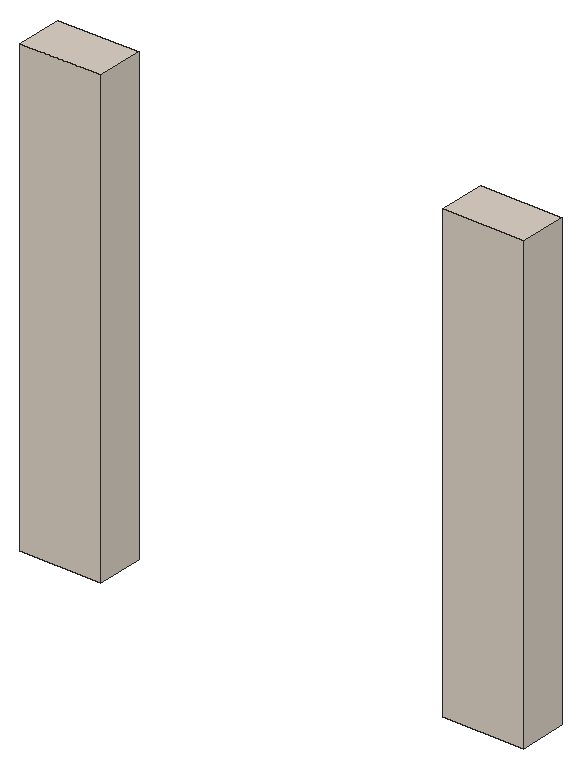
Revit family
Parameters (values of type "125 x 215mm Wide")
  Surround Width = 215.0 mm
  Surround Depth = 125.0 mm
  Opening Width [instance] = 910.0 mm
  Opening Depth [instance] = 1210.0 mm
  Surround Offset from Ext = 25.0 mm
  Material Surround = Masonry - Stone
  Keynote = "F"
Types (2, lengths in mm): name | Surround Width
  125 x 150mm Wide | 150.0
  125 x 215mm Wide | 215.0
Reference planes
  plane 1 "Wall": y = -11.298
  plane 2 "Center (Left/Right)": x = 161.814
  plane 3 "Back": y = 138.702
  plane 4: y = 163.702
  plane 5: y = 38.702
  plane 6: z = 2110
  plane 7: z = 900
  plane 8: x = 376.814
  plane 9: x = -748.186
  plane 10: x = -963.186
Forms (mm)
  Extrusion 1, void
    sketch origin (0, 138.702, 0) x (-1, 0, 0) y (0, 0, 1)
      loop
        line (-376.814, 2110) -> (-376.814, 900) -> (-160.814, 900) -> (-160.814, 2110) -> (-376.814, 2110)
      loop
        line (747.186, 900) -> (963.186, 900) -> (963.186, 2110) -> (747.186, 2110) -> (747.186, 900)
    from 0 to -100
  Extrusion 2, solid, material "Masonry - Stone" <- "Material Surround"
    sketch origin (0, 138.702, 0) x (1, 0, 0) y (0, 0, 1)
      loop
        line (376.814, 2110) -> (161.814, 2110) -> (161.814, 900) -> (376.814, 900) -> (376.814, 2110)
      loop
        line (-748.186, 900) -> (-748.186, 2110) -> (-963.186, 2110) -> (-963.186, 900) -> (-748.186, 900)
    from -25 to 100
Text (mm)
  text "Placement side" at (-1848.837, 1116.779, 0), in view "Ref. Level"
  text "Placement side" at (0, 1409.804, 2854.306), in view "Left"
  text "Placement side" at (0, 499.811, 2980.732), in view "Right"
Dimensions and locks
  locked: plane 3 "Back" to host wall
  "Surround Offset from Ext": plane 3 "Back" to plane 4
  "Surround Depth": plane 5 to plane 4
  locked: level to plane 6 at 2110
  "Opening Depth": plane 7 to plane 6
  "Surround Width": plane 8 to plane 2 "Center (Left/Right)"
  "Surround Width": plane 9 to plane 10
  "Opening Width": plane 2 "Center (Left/Right)" to plane 9
  locked: plane 2 "Center (Left/Right)" to Extrusion 1 sketch curve at 1
  locked: Extrusion 1 sketch curve to plane 9 at 1
  aligned and locked: plane 1 "Wall" to host wall
  aligned and locked: Extrusion 1 to plane 5
  aligned and locked: host wall to Extrusion 1
  aligned and locked: plane 4 to Extrusion 2
  aligned and locked: Extrusion 2 to plane 5
  aligned and locked: Extrusion 1 sketch curve to plane 7
  aligned and locked: plane 6 to Extrusion 1 sketch curve
  aligned and locked: Extrusion 1 sketch curve to plane 8
  aligned and locked: Extrusion 2 sketch curve to plane 7
  aligned and locked: plane 6 to Extrusion 2 sketch curve
  aligned and locked: plane 2 "Center (Left/Right)" to Extrusion 2 sketch curve
  aligned and locked: Extrusion 2 sketch curve to plane 8
Automatic sketch dimensions
  Extrusion 2 sketch curve to plane 7 = 0.0 mm
  Extrusion 2 sketch curve to plane 10 = 0.0 mm
  Extrusion 2 sketch curve to plane 6 = 0.0 mm
  Extrusion 2 sketch curve to plane 9 = 0.0 mm
  Extrusion 1 sketch curve to plane 7 = 0.0 mm
  Extrusion 1 sketch curve to plane 6 = 0.0 mm
  Extrusion 1 sketch curve to plane 10 = 0.0 mm
